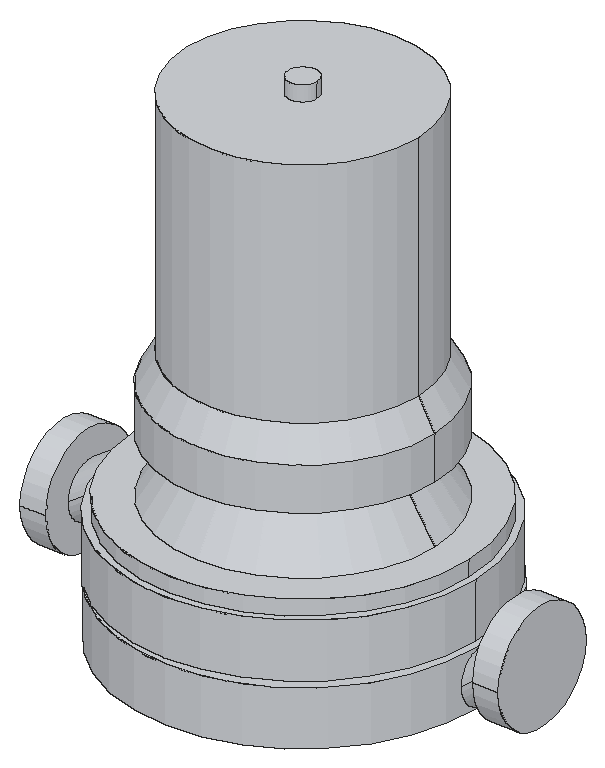
Revit family "M_Bomba em linha", category Equipamento mecânico, Revit 2019
Family settings
  Cota do conector redondo = Usar raio
  Classificação = Bomba
  Tipo de parte = Quebra em
  Número OmniClass = 23.60.30.21
  Título OmniClass = Pumps
  ID de item do Seek = Inline Pump-0000-CAN-ENU
  Com base no plano de trabalho = Não
  Sempre na vertical = Sim
  Corte com vazios quando carregada = Não
  Compartilhado = Não
  Ponto de cálculo do ambiente = Não
Parameters (values of type "40mm")
  Voltagem = 230 V
  Raio da sucção = 20 mm
  Raio externo da sucção = Diâmetro externo da sucção / 2  # 24 mm
  Diâmetro externo da sucção = Diâmetro nominal da sucção * 1.2  # 48 mm
  Diâmetro nominal da sucção = Raio da sucção * 2  # 40 mm
  Raio externo da flange da sucção = Diâmetro externo da flange da descarga / 2  # 48 mm
  Diâmetro externo da flange de sucção = Altura * 2  # 96 mm
  Comprimento da flange de sucção = 0.24 * Diâmetro nominal da sucção + 12.7 mm  # 22.3 mm
  Velocidade da bomba = "1750"
  Material da bomba = none
  Número de pólos = 2
  Classificação de carga = Eletrodoméstico - Unidade de interrupção
  Comprimento = 420 mm
  Altura = 1.2 * Diâmetro nominal da sucção  # 48 mm
  Meio comprimento = Comprimento / 2  # 210 mm
  Raio da descarga = 20 mm
  Raio externo da descarga = Diâmetro externo da descarga / 2  # 24 mm
  Diâmetro externo da descarga = Diâmetro nominal da descarga * 1.2  # 48 mm
  Diâmetro nominal da descarga = Raio da descarga * 2  # 40 mm
  Raio externo da flange da descarga = Diâmetro externo da flange da descarga / 2  # 48 mm
  Diâmetro externo da flange da descarga = Diâmetro externo da flange de sucção  # 96 mm
  Comprimento da flange da descarga = 0.24 * Diâmetro nominal da descarga + 12.7 mm  # 22.3 mm
  Carga aparente = 2000 VA
Types (3, lengths in mm): name | Raio da sucção | Raio externo da sucção | Diâmetro externo da sucção | Diâmetro nominal da sucção | Raio externo da flange da sucção | Diâmetro externo da flange de sucção | Comprimento da flange de sucção | Altura | Raio da descarga | Raio externo da descarga | Diâmetro externo da descarga | Diâmetro nominal da descarga | Raio externo da flange da descarga | Diâmetro externo da flange da descarga | Comprimento da flange da descarga
  (no name) | 20 | 24 | 48 | 40 | 48 | 96 | 22.3 | 48 | 20 | 24 | 48 | 40 | 48 | 96 | 22.3
  40mm | 20 | 24 | 48 | 40 | 48 | 96 | 22.3 | 48 | 20 | 24 | 48 | 40 | 48 | 96 | 22.3
  50mm | 25 | 30 | 60 | 50 | 60 | 120 | 24.7 | 60 | 25 | 30 | 60 | 50 | 60 | 120 | 24.7
Reference planes
  plane 1 "Centro (Frente/Trás)": y = 0
  plane 2: z = 0
  plane 3 "Centro (Esquerda/Direita)": x = 0
  plane 4: x = 6.35
  plane 5: y = -6.35
  plane 6: z = 391
  plane 7 "Sucção": x = -210
  plane 8 "Descarga": x = 210
  plane 9: x = -187.7
  plane 10: x = 187.7
  plane 11: x = -152.4
  plane 12: x = 158.75
  plane 13: z = -67.07
  plane 14: z = -60.72
  plane 15: z = -48
  plane 16: z = -24
  plane 17: z = 48
  plane 18: z = 24
  plane 19: z = 61
  plane 20: z = 112
  plane 21: z = 150
  plane 22: z = 175
  plane 23: z = 378
Forms (mm)
  Extrusion 1, solid, material <- "Material da bomba"
    sketch origin (0, 0, 0) x (1, 0, 0) y (0, 1, 0)
      loop
        circle (0, 0) r 12.7
    from -67.07 to -60.72
  Extrusion 2, solid, material <- "Material da bomba"
    sketch origin (0, 0, 0) x (1, 0, 0) y (0, 1, 0)
      loop
        circle (0, 0) r 38.1
    from -60.72 to -48
  Extrusion 3, solid, material <- "Material da bomba"
    sketch origin (0, 0, 0) x (1, 0, 0) y (0, 1, 0)
      loop
        circle (6.35, -6.35) r 152.4
    from -48 to 0
  Extrusion 4, solid, material <- "Material da bomba"
    sketch origin (0, 0, 0) x (1, 0, 0) y (0, 1, 0)
      loop
        circle (0, 0) r 152.4
    from 0 to 48
  Extrusion 5, solid, material <- "Material da bomba"
    sketch origin (0, 0, 0) x (1, 0, 0) y (0, 1, 0)
      loop
        circle (0, 0) r 146.05
    from 48 to 61
  Blend 6, solid, material <- "Material da bomba"
    base sketch origin (0, 0, 0) x (1, 0, 0) y (0, 1, 0)
      loop
        circle (0, 0) r 115.888
    top sketch origin (0, 0, 0) x (1, 0, 0) y (0, 1, 0)
      loop
        circle (0, 0) r 82.55
    from 61 to 112
  Extrusion 7, solid, material <- "Material da bomba"
    sketch origin (0, 0, 0) x (1, 0, 0) y (0, 1, 0)
      loop
        circle (0, 0) r 115.888
    from 112 to 150
  Blend 8, solid, material <- "Material da bomba"
    base sketch origin (0, 0, 0) x (1, 0, 0) y (0, 1, 0)
      loop
        circle (0, 0) r 115.888
    top sketch origin (0, 0, 0) x (1, 0, 0) y (0, 1, 0)
      loop
        circle (0, 0) r 101.6
    from 150 to 175
  Extrusion 9, solid, material <- "Material da bomba"
    sketch origin (0, 0, 0) x (1, 0, 0) y (0, 1, 0)
      loop
        circle (0, 0) r 101.6
    from 175 to 378
  Extrusion 10, solid, material <- "Material da bomba"
    sketch origin (0, 0, 0) x (1, 0, 0) y (0, 1, 0)
      loop
        circle (0, 0) r 12.7
    from 378 to 391
  Extrusion 11, solid, material <- "Material da bomba"
    sketch origin (-210, 0, 0) x (0, 1, 0) y (0, 0, 1)
      loop
        circle (0, 0) r 48
    from 0 to 22.3
  Blend 12, solid, material <- "Material da bomba"
    base sketch origin (-210, 0, 0) x (0, 1, 0) y (0, 0, 1)
      loop
        circle (0, 0) r 24
    top sketch origin (-210, 0, 0) x (0, 1, 0) y (0, 0, 1)
      loop
        circle (0, 24) r 24
    from 22.3 to 57.6
  Extrusion 13, solid, material <- "Material da bomba"
    sketch origin (0, 0, 0) x (0, 1, 0) y (0, 0, 1)
      loop
        circle (0, 0) r 48
    from 187.7 to 210
  Blend 14, solid, material <- "Material da bomba"
    base sketch origin (0, 0, 0) x (0, 1, 0) y (0, 0, 1)
      loop
        circle (0, 0) r 24
    top sketch origin (0, 0, 0) x (0, 1, 0) y (0, 0, 1)
      loop
        circle (0, -24) r 24
    from 187.7 to 158.75
Lines and regions (mm)
  symbolic lines, detail levels fine
    curve 1: circle (0, 0, 0) r 101.6 normal (0, 0, 1)
    curve 2: circle (0, 0, 0) r 115.888 normal (0, 0, 1)
Dimensions and locks
  locked: plane 3 "Centro (Esquerda/Direita)" to plane 4 at 6.35
  locked: plane 5 to plane 1 "Centro (Frente/Trás)" at 6.35
  "Comprimento da flange de sucção": plane 7 "Sucção" to plane 9
  "Meio comprimento": plane 7 "Sucção" to plane 3 "Centro (Esquerda/Direita)"
  "Comprimento da flange da descarga": plane 10 to plane 8 "Descarga"
  "Meio comprimento": plane 3 "Centro (Esquerda/Direita)" to plane 8 "Descarga"
  locked: plane 11 to plane 3 "Centro (Esquerda/Direita)" at 152.4
  locked: plane 4 to plane 12 at 152.4
  locked: plane 14 to plane 15 at 12.72
  plane 16 to plane 15 = 24 mm
  "Altura": plane 2 to plane 15
  "Altura": plane 17 to plane 2
  equal spacing: plane 17, plane 18, plane 2
  plane 6 to plane 23 to plane 22 to plane 21 to plane 20 to plane 19 to plane 17 = 13 mm, 203 mm, 25 mm, 38 mm, 51 mm, 13 mm
  radius of Extrusion 1 sketch curve = 12.7 mm
  radius of Extrusion 2 sketch curve = 38.1 mm
  "Raio externo da flange da sucção": radius of Extrusion 11 sketch curve
  "Raio externo da sucção": radius of Blend 12 sketch curve  (x2)
  "Raio externo da flange da descarga": radius of Extrusion 13 sketch curve
  "Raio externo da descarga": radius of Blend 14 sketch curve  (x2)
  radius of curve 1 = 101.6 mm
  radius of Extrusion 10 sketch curve = 12.7 mm
  radius of Extrusion 9 sketch curve = 101.6 mm
  radius of Blend 8 sketch curve = 115.888 mm
  radius of Blend 8 sketch curve = 101.6 mm
  radius of Extrusion 7 sketch curve = 115.888 mm
  radius of Blend 6 sketch curve = 115.888 mm
  radius of Blend 6 sketch curve = 82.55 mm
  radius of Extrusion 5 sketch curve = 146.05 mm
  radius of Extrusion 4 sketch curve = 152.4 mm
  radius of Extrusion 3 sketch curve = 152.4 mm
  aligned and locked: plane 3 "Centro (Esquerda/Direita)" to Extrusion 4 sketch curve
  aligned and locked: plane 1 "Centro (Frente/Trás)" to Extrusion 4 sketch curve
  aligned and locked: plane 3 "Centro (Esquerda/Direita)" to Extrusion 5 sketch curve
  aligned and locked: plane 1 "Centro (Frente/Trás)" to Extrusion 5 sketch curve
  aligned and locked: plane 3 "Centro (Esquerda/Direita)" to Blend 6 sketch curve  (x2)
  aligned and locked: plane 1 "Centro (Frente/Trás)" to Blend 6 sketch curve  (x2)
  aligned and locked: plane 3 "Centro (Esquerda/Direita)" to Extrusion 7 sketch curve
  aligned and locked: plane 1 "Centro (Frente/Trás)" to Extrusion 7 sketch curve
  aligned and locked: plane 3 "Centro (Esquerda/Direita)" to Blend 8 sketch curve  (x2)
  aligned and locked: plane 1 "Centro (Frente/Trás)" to Blend 8 sketch curve  (x2)
  aligned and locked: plane 3 "Centro (Esquerda/Direita)" to Extrusion 9 sketch curve
  aligned and locked: plane 1 "Centro (Frente/Trás)" to Extrusion 9 sketch curve
  aligned and locked: plane 3 "Centro (Esquerda/Direita)" to Extrusion 10 sketch curve
  aligned and locked: plane 1 "Centro (Frente/Trás)" to Extrusion 10 sketch curve
  aligned and locked: plane 6 to Extrusion 10
  aligned and locked: plane 1 "Centro (Frente/Trás)" to Extrusion 11 sketch curve
  aligned and locked: Extrusion 11 to plane 7 "Sucção"
  aligned and locked: plane 9 to Extrusion 11
  aligned and locked: plane 1 "Centro (Frente/Trás)" to Blend 12 sketch curve  (x2)
  aligned and locked: Blend 12 to plane 9
  aligned and locked: plane 11 to Blend 12
  aligned and locked: Extrusion 13 to plane 10
  aligned and locked: plane 8 "Descarga" to Extrusion 13
  aligned and locked: Blend 14 to plane 12
  aligned and locked: plane 10 to Blend 14
  aligned and locked: plane 3 "Centro (Esquerda/Direita)" to curve 1
  aligned and locked: plane 1 "Centro (Frente/Trás)" to curve 1
  aligned and locked: plane 3 "Centro (Esquerda/Direita)" to curve 2
  aligned and locked: plane 1 "Centro (Frente/Trás)" to curve 2
  aligned and locked: plane 13 to Extrusion 1
  aligned and locked: plane 14 to Extrusion 1
  aligned and locked: Extrusion 2 to plane 14
  aligned and locked: plane 15 to Extrusion 2
  aligned and locked: Extrusion 3 to plane 15
  aligned and locked: plane 2 to Extrusion 3
  aligned and locked: Extrusion 4 to plane 2
  aligned and locked: plane 17 to Extrusion 4
  aligned and locked: plane 2 to Extrusion 13 sketch curve
  aligned and locked: plane 2 to Extrusion 11 sketch curve
  aligned and locked: plane 2 to Blend 14 sketch curve
  aligned and locked: plane 18 to Blend 12 sketch curve
  aligned and locked: Extrusion 5 to plane 17
  aligned and locked: plane 19 to Extrusion 5
  aligned and locked: Blend 6 to plane 19
  aligned and locked: plane 20 to Blend 6
  aligned and locked: Extrusion 7 to plane 20
  aligned and locked: plane 21 to Extrusion 7
  aligned and locked: Blend 8 to plane 21
  aligned and locked: plane 22 to Blend 8
  aligned and locked: Extrusion 9 to plane 22
  aligned and locked: plane 23 to Extrusion 9
  aligned and locked: Extrusion 10 to plane 23
  aligned and locked: plane 16 to Blend 14 sketch curve
  aligned and locked: plane 2 to Blend 12 sketch curve
  aligned and locked: plane 1 "Centro (Frente/Trás)" to Extrusion 13 sketch curve
  aligned and locked: plane 1 "Centro (Frente/Trás)" to Blend 14 sketch curve  (x2)
Automatic sketch dimensions
  Extrusion 1 sketch curve to plane 1 "Centro (Frente/Trás)" = 0 mm
  Extrusion 1 sketch curve to plane 3 "Centro (Esquerda/Direita)" = 0 mm
  Extrusion 2 sketch curve to plane 1 "Centro (Frente/Trás)" = 0 mm
  Extrusion 2 sketch curve to plane 3 "Centro (Esquerda/Direita)" = 0 mm
  Extrusion 3 sketch curve to plane 4 = 0 mm
  Extrusion 3 sketch curve to plane 5 = 0 mm
  radius of curve 2 = 115.888 mm
Connectors
  piping at (-210, 0, 0), diameter 40, driven by "Raio da sucção"
    settings: on Extrusion 11, index 1, connector inside diameter 40 mm, connector length 0 mm, flow factor 0, pipe flow 0.0 L/s, pressure drop 0.0 Pa, fitting loss kfactor 0, connector angle 0.00°, fixture units 0, engagement length 0 mm, angle of deflection 0.00°, flow configuration 0, flow direction 1, fitting loss method 0, system type 29, joint type 0, gender type 0, connector reference index 2, connector utility 0, adjustable connector no, is connector primary yes, connector description ""
  piping at (210, 0, 0), diameter 40, driven by "Raio da descarga"
    settings: on Extrusion 13, index 2, connector inside diameter 40 mm, connector length 0 mm, flow factor 0, pipe flow 0.0 L/s, pressure drop 0.0 Pa, fitting loss kfactor 0, connector angle 0.00°, fixture units 0, engagement length 0 mm, angle of deflection 0.00°, flow configuration 0, flow direction 2, fitting loss method 0, system type 29, joint type 0, gender type 0, connector reference index 1, connector utility 0, adjustable connector no, is connector primary no, connector description ""
  electrical at (0, 0, 391), driven by "Voltagem", driven by "Número de pólos", driven by "Carga aparente", driven by "Classificação de carga"
    settings: on Extrusion 10, index 3, voltage 230 V, apparent load 2000 VA, apparent load phase1 0 VA, apparent load phase2 0 VA, apparent load phase3 0 VA, power factor 0.8, load classification "Eletrodoméstico - Unidade de interrupção", number of poles 2, system type 30, power factor state 1, is connector primary yes, connector utility no, sub classification motor no, connector description ""
